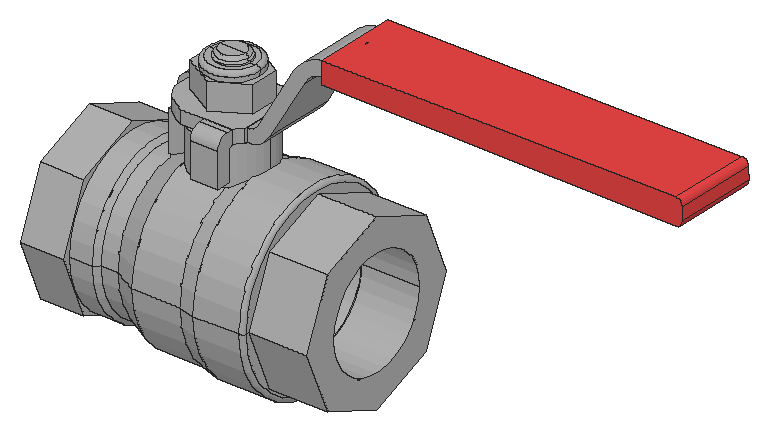
Revit family "QA01500000", category Apparecchi idraulici, Revit 2016
Family settings
  Tipo di parte = Normale
  Quota connettore circolare = Usa diametro
  Numero OmniClass = 23.45.00.00
  Titolo OmniClass = Sanitary, Laundry, and Cleaning Equipment
  Basato su piano di lavoro = No
  Sempre verticale = Sì
  Taglio con vuoti quando caricato = No
  Condiviso = No
  Punto di calcolo locali = No
Parameters
  URL = "https://web.cimberio.it/index.php/figura/788?subcategoria_id=41693"
  DN Model [instance] = QA01501025 : QA01501025
  DN [instance] = 25 mm
Reference planes
  plane 1 "Centro (Fronte/Retro)": y = 0
  plane 2: z = 0
  plane 3 "Centro (Sinistra/Destra)": x = 0
Dimensions and locks
  aligned and locked: level to plane 2
Nested families
  nested 1: "QA01501025" at (0, 0, 0), type <- "DN Model", type "QA01501025"
  nested 2: "QA01501025" at (0, 0, 0), type <- "DN Model", type "QA01501025"
  nested 3: "QA01501025" at (0, 0, 0), type <- "DN Model", type "QA01501025"
  nested 4: "QA01501025" at (0, 0, 0), type <- "DN Model", type "QA01501025"
  nested 5: "QA01501025" at (0, 0, 0), type <- "DN Model", type "QA01501025"
  nested 6: "QA01501025" at (0, 0, 0), type <- "DN Model", type "QA01501025"
Connectors
  piping at (33, 0, 0), diameter 25, driven by "DN"
    settings: on nested 1, index 1, connector inside diameter 609.6 mm, connector length 0 mm, flow factor 0, pipe flow 0.0 L/s, pressure drop 0.0 Pa, fitting loss kfactor 0, connector angle 0.00°, fixture units 0, engagement length 0 mm, angle of deflection 0.00°, flow configuration 0, flow direction 0, fitting loss method 0, system type 7, joint type 0, gender type 0, connector reference index -1, connector utility 0, adjustable connector no, is connector primary yes, connector description ""
  piping at (-33, 0, 0), diameter 25, driven by "DN"
    settings: on nested 1, index 2, connector inside diameter 609.6 mm, connector length 0 mm, flow factor 0, pipe flow 0.0 L/s, pressure drop 0.0 Pa, fitting loss kfactor 0, connector angle 0.00°, fixture units 0, engagement length 0 mm, angle of deflection 0.00°, flow configuration 0, flow direction 0, fitting loss method 0, system type 7, joint type 0, gender type 0, connector reference index -1, connector utility 0, adjustable connector no, is connector primary no, connector description ""
Definition of nested family "QA01501025"
  Reference planes
    plane 1 "Centro (Fronte/Retro)": y = 0
    plane 2: z = 0
    plane 3 "Centro (Sinistra/Destra)": x = 0
  Forms (mm)
    Revolve 1, solid
      sketch origin (0, 0, 0) x (1, 0, 0) y (0, 1, 0)
        loop
          line (-23, 18.5) -> (-23, 12.5) -> (19.5, 12.5) -> (19.5, 20.5)
          arc (19.5, 20.5) -> (19.207, 21.207) -> (18.5, 21.5) r 1
          line (18.5, 21.5) -> (8, 21.5) -> (4.081, 20.45) -> (-6.85, 20.45) -> (-12.6, 17.5) -> (-16.5, 17.5) -> (-17.5, 18.5) -> (-23, 18.5)
        axis (-23, 0) -> (19.5, 0)
      angle from 0 to 360
    Revolve 2, solid
      sketch origin (0, 0, -1.484) x (1, 0, 0) y (0, 0, 1)
        loop
          line (0, 44.5) -> (0, 42) -> (3.899, 42) -> (3.899, 43.208) -> (2.726, 43.522) -> (3.57, 43.83) -> (2.9, 44.5) -> (0, 44.5)
        axis (0, 44.5) -> (0, 42)
      angle from 0 to 360
    Revolve 3, solid
      sketch origin (0, 0, -1.484) x (1, 0, 0) y (0, 0, 1)
        loop
          line (0, 43) -> (0, 41) -> (6.25, 41) -> (6.25, 42)
          arc (6.25, 42) -> (5.957, 42.707) -> (5.25, 43) r 1
          line (5.25, 43) -> (0, 43)
        axis (0, 43) -> (0, 41)
      angle from 0 to 360
    Extrusion 4, solid
      sketch origin (0, 0, 27.066) x (1, 0, 0) y (0, 1, 0)
        loop
          line (0, 7.511) -> (-7.25, 3.326) -> (-7.25, -3.326) -> (0, -7.511) -> (7.235, -3.334) -> (7.235, 3.334) -> (0, 7.511)
      from 6.45 to 12.45
    Extrusion 5, solid
      sketch origin (0, 0, 27.066) x (1, 0, 0) y (0, 1, 0)
        loop
          line (-10.1, 8) -> (-10.1, -4.069)
          arc (-10.1, -4.069) -> (-7.661, -7.852) -> (-3.822, -10.2) r 10.104
          line (-3.822, -10.2) -> (8.109, -10.2)
          arc (8.109, -10.2) -> (8.62, -9.174) -> (9.479, -8.414) r 3
          line (9.479, -8.414) -> (9.479, 8) -> (-10.1, 8)
      from 3.442 to 6.45
    Revolve 6, solid
      sketch origin (0, 0, -1.484) x (1, 0, 0) y (0, 0, 1)
        loop
          line (0, 31.992) -> (-8, 31.992) -> (-8, 28.2) -> (0, 28.2) -> (0, 31.992)
        axis (0, 31.992) -> (0, 28.2)
      angle from 0 to 360
    Revolve 7, solid
      sketch origin (0, 0, 0) x (1, 0, 0) y (0, 0, 1)
        loop
          line (0, 28.2) -> (0, 19.215) -> (8.75, 19.215) -> (8.75, 28.2) -> (0, 28.2)
        axis (0, 28.2) -> (0, 19.215)
      angle from 0 to 360
    Extrusion 8, solid
      sketch origin (0, 0, 0) x (1, 0, 0) y (0, 0, 1)
        loop
          line (-13.5, 26.716) -> (-13.5, 16.395) -> (-8.62, 16.395) -> (-8.62, 26.716) -> (-13.5, 26.716)
      from -1.5 to 1.5
    Extrusion 9, solid
      sketch origin (0, 0, -1.484) x (1, 0, 0) y (0, 0, 1)
        loop
          arc (-10.2, 35) -> (-13.028, 33.829) -> (-14.2, 31) r 4
          line (-14.2, 31) -> (-14.2, 24.527) -> (-11.2, 24.527) -> (-11.2, 30.999)
          arc (-11.2, 30.999) -> (-10.95, 31.661) -> (-10.325, 31.992) r 1
          line (-10.325, 31.992) -> (-9.289, 31.992) -> (-9.289, 35) -> (-10.2, 35)
      from -8 to -1.7
    Extrusion 10, solid
      sketch origin (-11, 0, -1.484) x (0, 0, 1) y (0, 1, 0)
        loop
          line (35, -10.2) -> (31.992, -10.2)
          arc (31.992, -10.2) -> (31.72, -10.87) -> (31.184, -11.355) r 1.623
          line (31.184, -11.355) -> (24.527, -11.355) -> (24.527, -14.374) -> (32.277, -14.374)
          arc (32.277, -14.374) -> (34.203, -13.576) -> (35, -11.65) r 2.723
          line (35, -11.65) -> (35, -10.2)
      from -19 to -12.7
    Extrusion 11, solid
      sketch origin (0, 0, -1.484) x (1, 0, 0) y (0, 0, 1)
        loop
          arc (12.51, 36.75) -> (11.229, 35.469) -> (9.479, 35) r 3.5
          line (9.479, 35) -> (9.479, 32)
          arc (9.479, 32) -> (12.73, 32.872) -> (15.11, 35.252) r 6.5
          line (15.11, 35.252) -> (23.045, 48.997)
          arc (23.045, 48.997) -> (25.136, 51.133) -> (27.997, 51.995) r 6
          line (27.997, 51.995) -> (27.997, 54.997)
          arc (27.997, 54.997) -> (23.637, 53.732) -> (20.449, 50.5) r 9
          line (20.449, 50.5) -> (12.51, 36.75)
      from -8 to 8
    Extrusion 12, solid
      sketch origin (0, 0, -1.484) x (1, 0, 0) y (0, 0, 1)
        loop
          line (109.485, 56.491) -> (27.997, 56) -> (27.997, 51) -> (109.488, 50.509)
          arc (109.488, 50.509) -> (110.554, 50.945) -> (110.997, 52.009) r 1.5
          line (110.997, 52.009) -> (110.997, 54.991)
          arc (110.997, 54.991) -> (110.553, 56.056) -> (109.485, 56.491) r 1.5
      from -9.454 to 9.513
    Extrusion 13, solid
      sketch origin (-11, 0, 0) x (0, 0, 1) y (0, 1, 0)
        loop
          circle (0, 0) r 12.5
        loop
          line (19.95, 0) -> (14.107, 14.107) -> (0, 19.95) -> (-14.107, 14.107) -> (-19.95, 0) -> (-14.107, -14.107) -> (0, -19.95) -> (14.107, -14.107) -> (19.95, 0)
      from 12 to 22
    Extrusion 14, solid
      sketch origin (11, 0, 0) x (0, 0, 1) y (0, -1, 0)
        loop
          circle (0, 0) r 12.5
        loop
          line (19.95, 0) -> (14.107, 14.107) -> (0, 19.95) -> (-14.107, 14.107) -> (-19.95, 0) -> (-14.107, -14.107) -> (0, -19.95) -> (14.107, -14.107) -> (19.95, 0)
      from 8.5 to 22
  Dimensions and locks
    aligned and locked: level to plane 2
